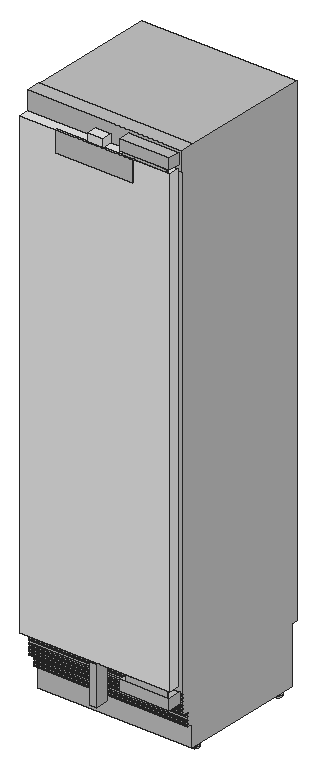
Revit family "FP_Revit_18_RS2484SR1_Fridge_90001062A", category Specialty Equipment, Revit 2018
Family settings
  Round Connector Dimension = Use Diameter
  Part Type = Normal
  OmniClass Number = 23.40.40.11.11
  OmniClass Title = Refrigerators and Freezers
  Work Plane-Based = No
  Always vertical = Yes
  Cut with Voids When Loaded = Yes
  Shared = No
  Room Calculation Point = No
Parameters (values of type "RS2484SRK1")
  Visibility - Water Connection = no
  Visibility - Visibility Control Note = yes
  Visibility - Clearance Required = yes
  URL = "www.fisherpaykel.com"
  Stainless Steel Door Panels (RD2484R4D) = no
  Product - Width = 603 mm  # constant formula
  Product - Height = 2134 mm  # constant formula
  Product - Depth (exl front panel) = 610 mm  # constant formula
  Model = "RS2484SRK1"
  Material - Handle = Fisher & Paykel - Aluminium
  Material - Door Structure = Fisher & Paykel - White
  Material - Door Front = Fisher & Paykel - Stainless Steel
  Material - Body = Fisher & Paykel - Grey
  Manufacturer = "Fisher & Paykel Appliances"
  Handle Style - Professional Square (AHV2-RD84) = no
  Handle Style - Professional Round (AHC-RD84) = no
  Handle Style - Contemporary Square (AHD3-RD84) = no
  Handle Style - Contemporary Round (AHS-RD84) = no
  Description = "24\" Integrated Column Refrigerator with stainless steel interior"
  Connector Description - Water = "Water Supply not required"
  Connector Description - Electrical = "120 V, 10 amp fused electrical supply"
  Cavity - Width = 610 mm  # constant formula
  Cavity - Height = 2134 mm  # constant formula
  Cavity - Depth = 635 mm  # constant formula
Types (4, lengths in mm): name | Visibility - Water Connection | Model | Description | Connector Description - Water
  (no name) | no | "RS2484SRK1" | "24\" Integrated Column Refrigerator with stainless steel interior" | "Water Supply not required"
  RS2484SRHK1 | yes | "RS2484SRHK1" | "24\" Integrated Column Refrigerator with internal water, stainless steel interior" | "1/4\" (6mm) comp. stainless steel braided hose"
  RS2484SR1 | no | "RS2484SR1" | "24\" Integrated Column Refrigerator" | "Water Supply not required"
  RS2484SRK1 | no | "RS2484SRK1" | "24\" Integrated Column Refrigerator with stainless steel interior" | "Water Supply not required"
Reference planes
  plane 1 "Center (Front/Back)": y = 0
  plane 2: z = 0
  plane 3 "Center (Left/Right)": x = 0
  plane 4 "Product LHS": x = -301.5
  plane 5 "Product RHS": x = 301.5
  plane 6 "Product - Depth": y = 610
  plane 7 "Cavity LHS": x = -305
  plane 8 "Cavity RHS": x = 305
  plane 9 "Cavity - Depth": y = 612.9
  plane 10 "Handle Offset": x = -238.5
  plane 11 "Product Height": z = 2134
  plane 12 "Cavity Height": z = 2134
  plane 13 "Door Panel Datum": y = -4.1
Forms (mm)
  Extrusion 1, solid, material "Fisher & Paykel - Grey" <- "Material - Body", detail levels fine
    sketch origin (0, 0, 0) x (0, 1, 0) y (0, 0, 1)
      loop
        line (100.1, 19.1) -> (587.9, 19.1) -> (587.9, 239.7) -> (610, 239.7) -> (610, 2131.9) -> (105.1, 2131.9) -> (105.1, 2134) -> (49.9, 2134) -> (49.9, 2059) -> (56, 2059) -> (56, 228.6) -> (59.5, 228.6) -> (59.5, 219.7) -> (56.5, 219.7) -> (56.5, 215.9) -> (59.5, 215.9) -> (59.5, 207) -> (56.5, 207) -> (56.5, 203.2) -> (59.5, 203.2) -> (59.5, 194.3) -> (56.5, 194.3) -> (56.5, 190.5) -> (59.5, 190.5) -> (59.5, 181.6) -> (56.5, 181.6) -> (56.5, 177.8) -> (59.5, 177.8) -> (59.5, 168.9) -> (56.5, 168.9) -> (56.5, 165.1) -> (59.5, 165.1) -> (59.5, 156.2) -> (56.5, 156.2) -> (56.5, 152.4) -> (84.1, 152.4) -> (84.1, 143.5) -> (81.1, 143.5) -> (81.1, 139.7) -> (84.1, 139.7) -> (84.1, 130.8) -> (81.1, 130.8) -> (81.1, 127) -> (84.1, 127) -> (84.1, 118.1) -> (81.1, 118.1) -> (81.1, 114.3) -> (84.1, 114.3) -> (84.1, 105.4) -> (81.1, 105.4) -> (81.1, 101.6) -> (100.1, 101.6) -> (100.1, 19.1)
    from -301.5 to 301.5
  Extrusion 2, solid, material "Fisher & Paykel - Grey" <- "Material - Body"
    sketch origin (0, 0, 0) x (1, 0, 0) y (0, 1, 0)
      loop
        circle (-281, 547.8) r 4.1
      loop
        circle (-281, 141.8) r 4.1
      loop
        circle (281, 547.8) r 4.1
      loop
        circle (281, 141.8) r 4.1
    from 3 to 19.1
  Extrusion 3, solid, material "Fisher & Paykel - Grey" <- "Material - Body"
    sketch origin (0, 0, 0) x (1, 0, 0) y (0, 1, 0)
      loop
        circle (-281, 547.8) r 14.5
      loop
        circle (-281, 141.8) r 14.555
      loop
        circle (281, 547.8) r 14.5
      loop
        circle (281, 141.8) r 14.555
    from 0 to 3
  Extrusion 4, solid, material "Fisher & Paykel - Grey" <- "Material - Body", detail levels fine
    sketch origin (0, 0, 0) x (1, 0, 0) y (0, 1, 0)
      loop
        line (-7.5, 49) -> (-13.797, -4.1) -> (13.797, -4.1) -> (7.5, 49) -> (-7.5, 49)
    from 104.2 to 254.2
  Extrusion 5, solid, material "Fisher & Paykel - Grey" <- "Material - Body", detail levels fine
    sketch origin (0, 0, 0) x (1, 0, 0) y (0, 0, 1)
      loop
        line (289.9, 2123.15) -> (95.42, 2123.15) -> (95.42, 2081.05) -> (289.9, 2081.05) -> (289.9, 2123.15)
    from -49 to -2.5
  Extrusion 6, solid, material "Fisher & Paykel - Grey" <- "Material - Body", detail levels fine
    sketch origin (0, 0, 0) x (0, 1, 0) y (0, 0, 1)
      loop
        line (0, 2070.6) -> (0, 1988.6) -> (2, 1988.6) -> (2, 2068.6) -> (4, 2068.6) -> (4, 2070.6) -> (0, 2070.6)
    from -150 to 150
  Extrusion 7, solid, material "Fisher & Paykel - Grey" <- "Material - Body"
    sketch origin (0, 0, 0) x (1, 0, 0) y (0, 0, 1)
      loop
        circle (226.5, 119.813) r 5
      loop
        circle (-226.5, 119.813) r 5
    from -590 to -587.9
  Extrusion 8, solid, material "Fisher & Paykel - White" <- "Material - Door Structure"
    sketch origin (0, 0, 0) x (1, 0, 0) y (0, 1, 0)
      loop
        line (-276.5, 56) -> (-276.5, 42) -> (276.5, 42) -> (276.5, 56) -> (-276.5, 56)
    from 269.6 to 2030.7
  Extrusion 9, solid, material "Fisher & Paykel - White" <- "Material - Door Structure"
    sketch origin (0, 0, 0) x (1, 0, 0) y (0, 1, 0)
      loop
        line (-292.9, 42) -> (-292.9, 3) -> (292.9, 3) -> (292.9, 42) -> (-292.9, 42)
    from 254.2 to 2068.6
  Extrusion 10, solid, material "Fisher & Paykel - White" <- "Material - Door Structure", detail levels fine
    sketch origin (0, 0, 0) x (1, 0, 0) y (0, 0, 1)
      loop
        line (-29.5, 2100.1) -> (-29.5, 2068.6) -> (29.5, 2068.6) -> (29.5, 2100.1) -> (-29.5, 2100.1)
    from -42 to -3
  Extrusion 11, solid, material "Fisher & Paykel - Stainless Steel" <- "Material - Door Front", visible <- "Stainless Steel Door Panels (RD2484R4D)"
    sketch origin (0, 0, 0) x (0, 1, 0) y (0, 0, 1)
      loop
        line (-22.1, 2130.8) -> (-22.1, 102) -> (-4.1, 102) -> (-4.1, 2130.8) -> (-22.1, 2130.8)
    from -301.5 to 301.5
  Extrusion 12, solid, material "Fisher & Paykel - Grey" <- "Material - Body", detail levels coarse+medium
    sketch origin (0, 0, 0) x (0, 1, 0) y (0, 0, 1)
      loop
        line (49.9, 2134) -> (49.9, 2059) -> (56, 2059) -> (56, 152.4) -> (81.1, 152.4) -> (81.1, 101.6) -> (100.1, 101.6) -> (100.1, 19.1) -> (587.9, 19.1) -> (587.9, 239.7) -> (610, 239.7) -> (610, 2134) -> (49.9, 2134)
    from -301.5 to 301.5
  Extrusion 13, solid, material "Fisher & Paykel - Clearance Required", visible <- "Visibility - Clearance Required", detail levels coarse
    sketch origin (0, 0, 0) x (1, 0, 0) y (0, 1, 0)
      loop
        arc (-301.5, -22.1) -> (-13.376, -547.171) -> (584.28, -586.183) r 622.5
        line (584.28, -586.183) -> (565.051, -544.946) -> (589.549, -533.523)
        arc (589.549, -533.523) -> (598.013, -510.267) -> (574.757, -501.802) r 17.5
        line (574.757, -501.802) -> (550.259, -513.225) -> (329.441, -39.678)
        arc (329.441, -39.678) -> (310.616, -38.605) -> (301.5, -22.1) r 19.5
        line (301.5, -22.1) -> (-301.5, -22.1)
    from 0 to 2134
  Extrusion 14, solid, material "Fisher & Paykel - Grey" <- "Material - Body", detail levels fine
    sketch origin (0, 0, 0) x (1, 0, 0) y (0, 0, 1)
      loop
        line (289.9, 187.65) -> (289.9, 229.75) -> (95.42, 229.75) -> (95.42, 187.65) -> (289.9, 187.65)
    from -56 to -2.5
  Extrusion 15, solid, material "Fisher & Paykel - Grey" <- "Material - Body", detail levels fine
    sketch origin (0, 0, -4) x (0, 1, 0) y (0, 0, 1)
      loop
        arc (163.888, 23.1) -> (180.4, 13.63) -> (196.912, 23.1) r 19.13
        line (196.912, 23.1) -> (163.888, 23.1)
      loop
        arc (493.888, 23.1) -> (510.4, 13.63) -> (526.912, 23.1) r 19.13
        line (526.912, 23.1) -> (493.888, 23.1)
    from 191 to 219
  Extrusion 16, solid, material "Fisher & Paykel - Grey" <- "Material - Body", detail levels fine
    sketch origin (0, 0, -4) x (0, 1, 0) y (0, 0, -1)
      loop
        line (163.888, -23.1) -> (196.912, -23.1)
        arc (196.912, -23.1) -> (180.4, -13.63) -> (163.888, -23.1) r 19.13
      loop
        line (493.888, -23.1) -> (526.912, -23.1)
        arc (526.912, -23.1) -> (510.4, -13.63) -> (493.888, -23.1) r 19.13
    from 191 to 219
  Extrusion 17, solid, material "Fisher & Paykel - Clearance Required", visible <- "Visibility - Clearance Required", detail levels coarse
    sketch origin (0, 0, 0) x (1, 0, 0) y (0, 1, 0)
      loop
        line (-305, 612.9) -> (-305, -4.1) -> (305, -4.1) -> (305, 612.9) -> (-305, 612.9)
    from 0 to 2134
  Extrusion 18, void
    sketch origin (0, 0, 0) x (1, 0, 0) y (0, 1, 0)
      loop
        line (-305, 612.9) -> (-305, -22.1) -> (305, -22.1) -> (305, 612.9) -> (-305, 612.9)
    from 0 to 2134
  Extrusion 19, solid, material "Fisher & Paykel - Grey" <- "Material - Body", detail levels fine
    sketch origin (0, 0, 0) x (1, 0, 0) y (0, 0, 1)
      loop
        line (118.4, 254.2) -> (118.4, 229.75) -> (282.9, 229.75) -> (282.9, 254.2) -> (118.4, 254.2)
      loop
        line (106, 2081.05) -> (106, 2068.6) -> (282.9, 2068.6) -> (282.9, 2076.05) -> (242.9, 2081.05) -> (106, 2081.05)
    from -7 to -4
Lines and regions (mm)
  model lines, style "Fisher & Paykel"
    curve 1: line (-301.5, -4.1, 2130.8) -> (301.5, -4.1, 2130.8)
    curve 2: line (-301.5, -4.1, 102) -> (-301.5, -4.1, 2130.8)
    curve 3: line (301.5, -4.1, 102) -> (-301.5, -4.1, 102)
    curve 4: line (301.5, -4.1, 2130.8) -> (301.5, -4.1, 102)
Text (mm)
  text "Due to ongoing product development, product details are subject to change without notice. \nPlease always refer to www.fisherpaykel.com for the most current product information. \n© Fisher & Paykel 2020" at (41.04, -678.295, 0), in view "Ref. Level (Plan)"
Dimensions and locks
  equal spacing: plane 4 "Product LHS", plane 3 "Center (Left/Right)", plane 5 "Product RHS"
  "Product - Width": plane 4 "Product LHS" to plane 5 "Product RHS"
  "Product - Depth (exl front panel)": plane 1 "Center (Front/Back)" to plane 6 "Product - Depth"
  equal spacing: plane 7 "Cavity LHS", plane 3 "Center (Left/Right)", plane 8 "Cavity RHS"
  "Cavity - Width": plane 7 "Cavity LHS" to plane 8 "Cavity RHS"
  plane 4 "Product LHS" to Extrusion 2 sketch curve = 24.6 mm
  plane 4 "Product LHS" to plane 10 "Handle Offset" = 63 mm
  Extrusion 7 sketch curve to Extrusion 1 = 119.887 mm  (x2)
  Extrusion 7 sketch curve to plane 5 "Product RHS" = 75 mm
  plane 4 "Product LHS" to Extrusion 7 sketch curve = 75 mm
  Extrusion 1 sketch curve to Extrusion 1 sketch curve = 82.5 mm
  Extrusion 1 sketch curve to Extrusion 1 sketch curve = 209.5 mm
  Extrusion 3 to level = 3 mm
  Extrusion 12 to Extrusion 9 = 235.1 mm
  Extrusion 12 to Extrusion 8 = 250.5 mm
  Extrusion 12 to Extrusion 12 = 2114.9 mm
  Extrusion 12 to Extrusion 11 = 82.9 mm
  "Product - Height": level to plane 11 "Product Height"
  plane 11 "Product Height" to Extrusion 11 = 3.2 mm
  Extrusion 9 to plane 11 "Product Height" = 65.4 mm
  Extrusion 8 to plane 11 "Product Height" = 103.3 mm
  Extrusion 12 sketch curve to plane 11 "Product Height" = 75 mm
  Extrusion 1 sketch curve to plane 11 "Product Height" = 2.1 mm
  Extrusion 1 sketch curve to plane 11 "Product Height" = 75 mm
  "Cavity - Height": plane 12 "Cavity Height" to level
  plane 1 "Center (Front/Back)" to Extrusion 17 = 612.9 mm
  plane 1 "Center (Front/Back)" to Extrusion 18 = 612.9 mm
  Extrusion 19 sketch curve to Extrusion 19 sketch curve = 40 mm
  Extrusion 19 sketch curve to plane 3 "Center (Left/Right)" = 106 mm
  Extrusion 19 sketch curve to Extrusion 19 sketch curve = 176.9 mm
  Extrusion 19 sketch curve to plane 3 "Center (Left/Right)" = 118.4 mm
  plane 3 "Center (Left/Right)" to Extrusion 19 sketch curve = 282.9 mm
  Extrusion 18 to plane 1 "Center (Front/Back)" = 22.1 mm
  "Cavity - Depth": plane 9 "Cavity - Depth" to Extrusion 18
  radius of Extrusion 7 sketch curve = 5 mm
  aligned and locked: level to plane 2
  aligned and locked: Extrusion 11 to plane 5 "Product RHS"
  aligned and locked: plane 4 "Product LHS" to Extrusion 11
  aligned and locked: Extrusion 12 to plane 5 "Product RHS"
  aligned and locked: Extrusion 12 to plane 4 "Product LHS"
  aligned and locked: Extrusion 12 sketch curve to plane 11 "Product Height"
  aligned and locked: plane 11 "Product Height" to Extrusion 1 sketch curve
  aligned and locked: Extrusion 15 sketch curve to Extrusion 15 sketch curve
  aligned and locked: Extrusion 16 sketch curve to Extrusion 16 sketch curve
  aligned and locked: Extrusion 17 to Extrusion 13
  aligned and locked: Extrusion 18 to Extrusion 13
  aligned and locked: Extrusion 1 to plane 5 "Product RHS"
  aligned and locked: plane 4 "Product LHS" to Extrusion 1
  aligned and locked: Extrusion 2 to Extrusion 1
  aligned and locked: nested 5 to plane 10 "Handle Offset"
  aligned and locked: nested 4 to plane 10 "Handle Offset"
  aligned and locked: nested 3 to plane 10 "Handle Offset"
  aligned and locked: nested 2 to plane 10 "Handle Offset"
Automatic sketch dimensions
  Extrusion 2 sketch curve to plane 4 "Product LHS" = 20.5 mm  (x2)
  plane 5 "Product RHS" to Extrusion 2 sketch curve = 20.5 mm  (x2)
  Extrusion 2 sketch curve to plane 1 "Center (Front/Back)" = 141.8 mm  (x2)
  Extrusion 2 sketch curve to plane 6 "Product - Depth" = 62.2 mm  (x2)
  Extrusion 3 sketch curve to plane 4 "Product LHS" = 20.5 mm  (x2)
  plane 5 "Product RHS" to Extrusion 3 sketch curve = 20.5 mm  (x2)
  Extrusion 3 sketch curve to plane 1 "Center (Front/Back)" = 141.8 mm  (x2)
  Extrusion 3 sketch curve to plane 6 "Product - Depth" = 62.2 mm  (x2)
  plane 1 "Center (Front/Back)" to Extrusion 4 sketch curve = 4.1 mm
  Extrusion 4 sketch curve to plane 3 "Center (Left/Right)" = 13.797 mm
  Extrusion 4 sketch curve to plane 3 "Center (Left/Right)" = 7.5 mm
  plane 3 "Center (Left/Right)" to Extrusion 4 sketch curve = 7.5 mm
  plane 3 "Center (Left/Right)" to Extrusion 4 sketch curve = 13.797 mm
  Extrusion 4 sketch curve to plane 1 "Center (Front/Back)" = 49 mm
  plane 11 "Product Height" to Extrusion 5 sketch curve = 10.85 mm
  plane 3 "Center (Left/Right)" to Extrusion 5 sketch curve = 95.42 mm
  plane 5 "Product RHS" to Extrusion 5 sketch curve = 11.6 mm
  Extrusion 5 sketch curve to Extrusion 5 sketch curve = 42.1 mm
  Extrusion 6 sketch curve to plane 1 "Center (Front/Back)" = 0 mm
  Extrusion 6 sketch curve to plane 1 "Center (Front/Back)" = 2 mm
  Extrusion 6 sketch curve to Extrusion 6 sketch curve = 2 mm  (x2)
  plane 11 "Product Height" to Extrusion 6 sketch curve = 145.4 mm
  plane 11 "Product Height" to Extrusion 6 sketch curve = 65.4 mm
  Extrusion 8 sketch curve to plane 4 "Product LHS" = 25 mm
  plane 5 "Product RHS" to Extrusion 8 sketch curve = 25 mm
  Extrusion 8 sketch curve to plane 1 "Center (Front/Back)" = 42 mm
  Extrusion 8 sketch curve to Extrusion 8 sketch curve = 14 mm
  Extrusion 9 sketch curve to plane 1 "Center (Front/Back)" = 3 mm
  Extrusion 9 sketch curve to plane 4 "Product LHS" = 8.6 mm
  plane 5 "Product RHS" to Extrusion 9 sketch curve = 8.6 mm
  Extrusion 9 sketch curve to Extrusion 9 sketch curve = 39 mm
  Extrusion 10 sketch curve to plane 3 "Center (Left/Right)" = 29.5 mm
  plane 3 "Center (Left/Right)" to Extrusion 10 sketch curve = 29.5 mm
  plane 11 "Product Height" to Extrusion 10 sketch curve = 65.4 mm
  Extrusion 10 sketch curve to Extrusion 10 sketch curve = 31.5 mm
  plane 1 "Center (Front/Back)" to Extrusion 11 sketch curve = 22.1 mm
  plane 1 "Center (Front/Back)" to Extrusion 11 sketch curve = 4.1 mm
  level to Extrusion 11 sketch curve = 102 mm
  plane 11 "Product Height" to Extrusion 11 sketch curve = 3.2 mm
  Extrusion 13 sketch curve to Extrusion 13 sketch curve = 0 mm  (x2)
  Extrusion 13 sketch curve to plane 4 "Product LHS" = 0 mm
  Extrusion 13 sketch curve to plane 5 "Product RHS" = 0 mm
  Extrusion 13 sketch curve to plane 8 "Cavity RHS" = 16 mm
  Extrusion 13 sketch curve to Extrusion 13 sketch curve = 8.441 mm
  Extrusion 13 sketch curve to plane 8 "Cavity RHS" = 245.259 mm
  Extrusion 13 sketch curve to Extrusion 13 sketch curve = 14.792 mm
  Extrusion 13 sketch curve to Extrusion 13 sketch curve = 24.498 mm
  Extrusion 13 sketch curve to Extrusion 13 sketch curve = 7.396 mm  (x2)
  Extrusion 13 sketch curve to Extrusion 13 sketch curve = 19.229 mm
  plane 1 "Center (Front/Back)" to Extrusion 13 sketch curve = 586.183 mm
  Extrusion 13 sketch curve to Extrusion 13 sketch curve = 41.237 mm
  Extrusion 13 sketch curve to Extrusion 13 sketch curve = 15.86 mm
  plane 3 "Center (Left/Right)" to Extrusion 14 sketch curve = 95.42 mm
  plane 5 "Product RHS" to Extrusion 14 sketch curve = 11.6 mm
  level to Extrusion 14 sketch curve = 187.65 mm
  Extrusion 14 sketch curve to Extrusion 14 sketch curve = 42.1 mm
  Extrusion 15 sketch curve to plane 1 "Center (Front/Back)" = 163.888 mm
  Extrusion 15 sketch curve to Extrusion 15 sketch curve = 16.512 mm  (x2)
  Extrusion 15 sketch curve to plane 6 "Product - Depth" = 116.112 mm
  Extrusion 15 sketch curve to Extrusion 15 sketch curve = 9.66 mm  (x2)
  Extrusion 16 sketch curve to plane 1 "Center (Front/Back)" = 163.888 mm
  Extrusion 16 sketch curve to Extrusion 16 sketch curve = 16.512 mm  (x2)
  Extrusion 16 sketch curve to plane 6 "Product - Depth" = 116.112 mm
  Extrusion 16 sketch curve to Extrusion 16 sketch curve = 9.66 mm  (x2)
  Extrusion 17 sketch curve to plane 7 "Cavity LHS" = 0 mm
  Extrusion 17 sketch curve to plane 8 "Cavity RHS" = 0 mm
  Extrusion 17 sketch curve to plane 9 "Cavity - Depth" = 0 mm
  plane 1 "Center (Front/Back)" to Extrusion 17 sketch curve = 4.1 mm
  Extrusion 18 sketch curve to plane 7 "Cavity LHS" = 0 mm
  Extrusion 18 sketch curve to plane 8 "Cavity RHS" = 0 mm
  plane 9 "Cavity - Depth" to Extrusion 18 sketch curve = 0 mm
  plane 1 "Center (Front/Back)" to Extrusion 18 sketch curve = 22.1 mm
  level to Extrusion 19 sketch curve = 229.75 mm
  Extrusion 19 sketch curve to Extrusion 19 sketch curve = 24.45 mm
  plane 11 "Product Height" to Extrusion 19 sketch curve = 65.4 mm
  Extrusion 19 sketch curve to Extrusion 19 sketch curve = 7.45 mm
  Extrusion 19 sketch curve to Extrusion 19 sketch curve = 5 mm
  Extrusion 12 sketch curve to plane 6 "Product - Depth" = 0 mm
  Extrusion 12 sketch curve to plane 6 "Product - Depth" = 22.1 mm
  Extrusion 12 sketch curve to plane 1 "Center (Front/Back)" = 100.1 mm
  Extrusion 12 sketch curve to Extrusion 12 sketch curve = 19 mm
  Extrusion 12 sketch curve to plane 1 "Center (Front/Back)" = 56 mm
  Extrusion 12 sketch curve to plane 1 "Center (Front/Back)" = 49.9 mm
  level to Extrusion 12 sketch curve = 152.4 mm
  Extrusion 12 sketch curve to Extrusion 12 sketch curve = 50.8 mm
  level to Extrusion 12 sketch curve = 19.1 mm
  Extrusion 12 sketch curve to Extrusion 12 sketch curve = 220.6 mm
  level to Extrusion 15 sketch curve = 19.1 mm
  level to Extrusion 16 sketch curve = 28.76 mm
  Extrusion 1 sketch curve to plane 6 "Product - Depth" = 0 mm
  Extrusion 1 sketch curve to Extrusion 1 sketch curve = 22.1 mm
  Extrusion 1 sketch curve to plane 1 "Center (Front/Back)" = 105.1 mm
  level to Extrusion 1 sketch curve = 19.1 mm
  Extrusion 1 sketch curve to plane 1 "Center (Front/Back)" = 100.1 mm
  Extrusion 1 sketch curve to Extrusion 1 sketch curve = 16 mm
  Extrusion 1 sketch curve to Extrusion 1 sketch curve = 0 mm  (x8)
  Extrusion 1 sketch curve to Extrusion 1 sketch curve = 3 mm  (x10)
  Extrusion 1 sketch curve to plane 1 "Center (Front/Back)" = 59.5 mm
  Extrusion 1 sketch curve to plane 1 "Center (Front/Back)" = 56 mm
  Extrusion 1 sketch curve to plane 1 "Center (Front/Back)" = 49.9 mm
  Extrusion 1 sketch curve to Extrusion 1 sketch curve = 3.8 mm  (x10)
  Extrusion 1 sketch curve to Extrusion 1 sketch curve = 8.9 mm  (x9)
  Extrusion 1 sketch curve to Extrusion 1 sketch curve = 220.6 mm
  plane 5 "Product RHS" to curve 1 = 0 mm
  plane 4 "Product LHS" to curve 3 = 0 mm
  level to curve 3 = 102 mm
  plane 11 "Product Height" to curve 2 = 3.2 mm
  radius of Extrusion 2 sketch curve = 4.1 mm  (x3)
  radius of Extrusion 3 sketch curve = 14.5 mm  (x2)
  radius of Extrusion 3 sketch curve = 14.555 mm  (x2)
  radius of Extrusion 7 sketch curve = 5 mm
Nested families
  nested 1: "Visibility Control Note 18" at (0, 0, 0), visible <- "Visibility - Visibility Control Note", type "Visibility Control Note 18"
  nested 2: "Handle Contemporary Round - Vertical" at (-238.5, -22.1, 1242.58), visible <- "Handle Style - Contemporary Round (AHS-RD84)", type "AHS-RD84 - Contemporary round handle (Vertical) 852mm"
  nested 3: "Handle Contemporary Square - Vertical" at (-238.5, -22.1, 1242.58), visible <- "Handle Style - Contemporary Square (AHD3-RD84)", type "AHD3-RD84 - Contemporary square handle (Vertical) 852mm"
  nested 4: "Handle Professional Round - Vertical" at (-238.5, -22.1, 1242.58), visible <- "Handle Style - Professional Round (AHC-RD84)", type "AHC-RD84 - Professional round handle (Vertical) 786mm"
  nested 5: "Handle Professional Square - Vertical" at (-238.5, -22.1, 1242.58), visible <- "Handle Style - Professional Square (AHV2-RD84)", type "AHV2-RD84 - Professional square handle (Vertical) 792mm"
Connectors
  electrical at (-226.5, 590, 119.813), driven by "Connector Description - Electrical"
    settings: on Extrusion 7, index 1, voltage 120 V, apparent load 0 VA, apparent load phase1 0 VA, apparent load phase2 0 VA, apparent load phase3 0 VA, power factor 1, load classification "Other", number of poles 1, system type 30, power factor state 1, is connector primary yes, connector utility no, sub classification motor no, connector description "120 V, 10 amp fused electrical supply"
  piping at (226.5, 590, 119.813), diameter 12.7, driven by "Visibility - Water Connection", driven by "Connector Description - Water"
    settings: on Extrusion 7, index 2, connector inside diameter 609.6 mm, connector length 0 mm, flow factor 0, pipe flow 0.0 L/s, pressure drop 0.0 Pa, fitting loss kfactor 0, connector angle 0.00°, fixture units 0, engagement length 0 mm, angle of deflection 0.00°, flow configuration 0, flow direction 1, fitting loss method 0, system type 20, joint type 0, gender type 0, connector reference index -1, connector utility 0, adjustable connector no, is connector primary yes, connector description "Water Supply not required"
Definition of nested family "Handle Contemporary Round - Vertical"
  Parameters (values of type "AHSRS80A - Contemporary round handle (1 of 2) (Vertical) 727mm")
    URL = "www.fisherpaykel.com"
    Material - Handle = none
    Manufacturer = "Fisher & Paykel Appliances"
    Handle - Length = 727 mm
  Types (6, lengths in mm): name | Handle - Length
    AHS-RD21 - Contemporary round handle (Vertical) 852mm | 852
    AHSRD2484W - Contemporary round handle (1 of 2) (Vertical) 727mm | 727
    AHSRD3084W - Contemporary round handle (1 of 2) (Vertical) 727mm | 727
    AHS-RD84 - Contemporary round handle (Vertical) 852mm | 852
    AHSRS3272A - Contemporary round handle (1 of 2) (Vertical) 727mm | 727
    AHSRS80A - Contemporary round handle (1 of 2) (Vertical) 727mm | 727
  Reference planes
    plane 1 "Center (Front/Back)": y = 0
    plane 2: z = 0
    plane 3 "Center (Left/Right)": x = 0
    plane 4 "Top": z = 363.5
    plane 5 "Bottom": z = -363.5
    plane 6 "Top Standoff": z = 243.5
    plane 7 "Bottom Standoff": z = -243.5
  Forms (mm)
    Extrusion 1, solid, material <- "Material - Handle"
      sketch origin (0, 0, 0) x (1, 0, 0) y (0, 1, 0)
        loop
          circle (0, -32.3) r 8.7
      from -243.5 to 243.5
    Extrusion 2, solid, material <- "Material - Handle", detail levels fine
      sketch origin (0, 0, 0) x (1, 0, 0) y (0, 1, 0)
        loop
          line (-8.7, 0) -> (-8.7, -32.3)
          arc (-8.7, -32.3) -> (0, -41) -> (8.7, -32.3) r 8.7
          line (8.7, -32.3) -> (8.7, 0) -> (-8.7, 0)
      from 243.5 to 363.5
    Extrusion 3, solid, material <- "Material - Handle", detail levels fine
      sketch origin (0, 0, 0) x (1, 0, 0) y (0, 1, 0)
        loop
          line (-8.7, 0) -> (-8.7, -32.3)
          arc (-8.7, -32.3) -> (0, -41) -> (8.7, -32.3) r 8.7
          line (8.7, -32.3) -> (8.7, 0) -> (-8.7, 0)
      from -363.5 to -243.5
    Sweep 4, void
      path in 3D
        loop
          line (8.7, 0, -363.5) -> (8.7, -32.3, -363.5)
          arc (8.7, -32.3, -363.5) -> (0, -41, -363.5) -> (-8.7, -32.3, -363.5) r 8.7
          line (-8.7, -32.3, -363.5) -> (-8.7, 0, -363.5)
      profile origin (8.7, -16.15, -363.5) x (-1, 0, 0) y (0, 0, -1)
        loop
          line (0, 0) -> (0, -1) -> (1, 0) -> (0, 0)
    Sweep 5, void
      path in 3D
        loop
          line (-8.7, 0, 363.5) -> (-8.7, -32.3, 363.5)
          arc (-8.7, -32.3, 363.5) -> (0, -41, 363.5) -> (8.7, -32.3, 363.5) r 8.7
          line (8.7, -32.3, 363.5) -> (8.7, 0, 363.5)
      profile origin (8.7, -16.15, 363.5) x (-1, 0, 0) y (0, 0, 1)
        loop
          line (0, 0) -> (0, -1) -> (1, 0) -> (0, 0)
    Extrusion 6, solid, material <- "Material - Handle", detail levels coarse+medium
      sketch origin (0, 0, 0) x (1, 0, 0) y (0, 1, 0)
        loop
          line (-8.7, 0) -> (-8.7, -32.3)
          arc (-8.7, -32.3) -> (0, -41) -> (8.7, -32.3) r 8.7
          line (8.7, -32.3) -> (8.7, 0) -> (-8.7, 0)
      from 243.5 to 363.5
    Extrusion 7, solid, material <- "Material - Handle", detail levels coarse+medium
      sketch origin (0, 0, 0) x (1, 0, 0) y (0, 1, 0)
        loop
          line (-8.7, 0) -> (-8.7, -32.3)
          arc (-8.7, -32.3) -> (0, -41) -> (8.7, -32.3) r 8.7
          line (8.7, -32.3) -> (8.7, 0) -> (-8.7, 0)
      from -363.5 to -243.5
  Cuts and joins
    Sweep 4 cuts Extrusion 3
    Sweep 5 cuts Extrusion 2
  Lines and regions (mm)
    sketch lines
      curve 1: line (8.7, 0, -363.5) -> (8.7, -32.3, -363.5)
      curve 2: arc (-8.7, -32.3, -363.5) -> (0, -41, -363.5) -> (8.7, -32.3, -363.5) r 8.7
      curve 3: line (-8.7, -32.3, -363.5) -> (-8.7, 0, -363.5)
      curve 4: line (8.7, -32.3, 363.5) -> (8.7, 0, 363.5)
      curve 5: arc (8.7, -32.3, 363.5) -> (0, -41, 363.5) -> (-8.7, -32.3, 363.5) r 8.7
      curve 6: line (-8.7, 0, 363.5) -> (-8.7, -32.3, 363.5)
  Dimensions and locks
    equal spacing: plane 4 "Top", level, plane 5 "Bottom"
    "Handle - Length": plane 4 "Top" to plane 5 "Bottom"
    locked: plane 4 "Top" to plane 6 "Top Standoff" at 120
    locked: plane 7 "Bottom Standoff" to plane 5 "Bottom" at 120
    Extrusion 2 sketch curve to Extrusion 2 sketch curve = 17.4 mm
    Extrusion 3 sketch curve to Extrusion 3 sketch curve = 17.4 mm
    Extrusion 6 sketch curve to Extrusion 6 sketch curve = 17.4 mm
    Extrusion 7 sketch curve to Extrusion 7 sketch curve = 17.4 mm
    aligned and locked: level to plane 2
    aligned and locked: plane 4 "Top" to Extrusion 2
    aligned and locked: Extrusion 3 to plane 5 "Bottom"
    aligned and locked: plane 7 "Bottom Standoff" to Extrusion 3
    aligned and locked: Extrusion 1 to plane 7 "Bottom Standoff"
    aligned and locked: plane 6 "Top Standoff" to Extrusion 1
    aligned and locked: Extrusion 2 to Extrusion 1
    aligned and locked: Extrusion 6 to Extrusion 1
    aligned and locked: plane 4 "Top" to Extrusion 6
    aligned and locked: Extrusion 7 to Extrusion 1
    aligned and locked: Extrusion 7 to plane 5 "Bottom"
  Automatic sketch dimensions
    Extrusion 1 sketch curve to plane 3 "Center (Left/Right)" = 0 mm
    plane 1 "Center (Front/Back)" to Extrusion 1 sketch curve = 32.3 mm
    plane 1 "Center (Front/Back)" to Extrusion 2 sketch curve = 0 mm
    Extrusion 2 sketch curve to plane 3 "Center (Left/Right)" = 0 mm
    Extrusion 2 sketch curve to plane 3 "Center (Left/Right)" = 8.7 mm
    plane 1 "Center (Front/Back)" to Extrusion 2 sketch curve = 32.3 mm
    plane 1 "Center (Front/Back)" to Extrusion 3 sketch curve = 0 mm
    Extrusion 3 sketch curve to plane 3 "Center (Left/Right)" = 0 mm
    Extrusion 3 sketch curve to plane 3 "Center (Left/Right)" = 8.7 mm
    plane 1 "Center (Front/Back)" to Extrusion 3 sketch curve = 32.3 mm
    Sweep 4 sketch curve to profile plane = 0 mm  (x2)
    Sweep 4 sketch curve to profile plane = 1 mm  (x2)
    Sweep 5 sketch curve to profile plane = 0 mm  (x2)
    Sweep 5 sketch curve to profile plane = 1 mm  (x2)
    Extrusion 6 sketch curve to plane 3 "Center (Left/Right)" = 0 mm
    Extrusion 6 sketch curve to plane 3 "Center (Left/Right)" = 8.7 mm
    plane 1 "Center (Front/Back)" to Extrusion 6 sketch curve = 32.3 mm
    Extrusion 6 sketch curve to Extrusion 6 sketch curve = 32.3 mm
    Extrusion 7 sketch curve to plane 3 "Center (Left/Right)" = 0 mm
    Extrusion 7 sketch curve to plane 3 "Center (Left/Right)" = 8.7 mm
    plane 1 "Center (Front/Back)" to Extrusion 7 sketch curve = 32.3 mm
    Extrusion 7 sketch curve to Extrusion 7 sketch curve = 32.3 mm
    radius of Extrusion 1 sketch curve = 8.7 mm
Definition of nested family "Handle Contemporary Square - Vertical"
  Parameters (values of type "AHD3RS80A - Contemporary square handle (1 of 2) (Vertical) 727mm")
    URL = "www.fisherpaykel.com"
    Material - Handle = none
    Manufacturer = "Fisher & Paykel Appliances"
    Handle - Length = 727 mm
  Types (7, lengths in mm): name | Handle - Length
    (no name) | 727
    AHD3-RD21 - Contemporary square handle (Vertical) 852mm | 852
    AHD3RD2484W - Contemporary square handle (1 of 2) (Vertical) 727mm | 727
    AHD3RD3084W - Contemporary square handle (1 of 2) (Vertical) 727mm | 727
    AHD3-RD84 - Contemporary square handle (Vertical) 852mm | 852
    AHD3RS3272A - Contemporary square handle (1 of 2) (Vertical) 727mm | 727
    AHD3RS80A - Contemporary square handle (1 of 2) (Vertical) 727mm | 727
  Reference planes
    plane 1 "Center (Front/Back)": y = 0
    plane 2: z = 0
    plane 3 "Center (Left/Right)": x = 0
    plane 4 "Top": z = 363.5
    plane 5 "Bottom": z = -363.5
    plane 6 "Top Standoff": z = 243.5
    plane 7 "Bottom Standoff": z = -243.5
  Forms (mm)
    Extrusion 1, solid, material <- "Material - Handle", detail levels fine
      sketch origin (0, 0, 0) x (1, 0, 0) y (0, 1, 0)
        loop
          arc (-7.583, -28.701) -> (-7.89, -29.057) -> (-8, -29.514) r 1
          line (-8, -29.514) -> (-8, -40.5)
          arc (-8, -40.5) -> (-7.561, -41.561) -> (-6.5, -42) r 1.5
          line (-6.5, -42) -> (6.5, -42)
          arc (6.5, -42) -> (7.561, -41.561) -> (8, -40.5) r 1.5
          line (8, -40.5) -> (8, -29.487)
          arc (8, -29.487) -> (7.889, -29.029) -> (7.58, -28.673) r 1
          arc (7.58, -28.673) -> (-0.006, -26.256) -> (-7.583, -28.701) r 13.038
      from -363.5 to 363.5
    Extrusion 2, solid, material <- "Material - Handle", detail levels fine
      sketch origin (0, 0, 0) x (1, 0, 0) y (0, 1, 0)
        loop
          arc (7.058, -28.23) -> (7.466, -28.244) -> (7.674, -27.893) r 0.4
          line (7.674, -27.893) -> (7.674, 0) -> (-7.674, 0) -> (-7.674, -27.86)
          arc (-7.674, -27.86) -> (-7.467, -28.21) -> (-7.06, -28.198) r 0.4
          arc (-7.06, -28.198) -> (0.004, -26.156) -> (7.058, -28.23) r 13.136
      from 243.5 to 363.5
    Extrusion 3, solid, material <- "Material - Handle", detail levels fine
      sketch origin (0, 0, 0) x (1, 0, 0) y (0, 1, 0)
        loop
          arc (7.058, -28.23) -> (7.466, -28.244) -> (7.674, -27.893) r 0.4
          line (7.674, -27.893) -> (7.674, 0) -> (-7.674, 0) -> (-7.674, -27.86)
          arc (-7.674, -27.86) -> (-7.467, -28.21) -> (-7.06, -28.198) r 0.4
          arc (-7.06, -28.198) -> (0.004, -26.156) -> (7.058, -28.23) r 13.136
      from -363.5 to -243.5
    Sweep 4, void
      path in 3D
        loop
          line (-8, -29.514, 363.5) -> (-8, -40.5, 363.5)
          arc (-8, -40.5, 363.5) -> (-7.561, -41.561, 363.5) -> (-6.5, -42, 363.5) r 1.5
          line (-6.5, -42, 363.5) -> (6.5, -42, 363.5)
          arc (6.5, -42, 363.5) -> (7.561, -41.561, 363.5) -> (8, -40.5, 363.5) r 1.5
          line (8, -40.5, 363.5) -> (8, -29.487, 363.5)
      profile origin (8, -34.994, 363.5) x (-1, 0, 0) y (0, 0, 1)
        loop
          line (0, 0) -> (0, -1.3) -> (1.3, 0) -> (0, 0)
    Sweep 5, void
      path in 3D
        loop
          line (8, -29.487, -363.5) -> (8, -40.5, -363.5)
          arc (8, -40.5, -363.5) -> (7.561, -41.561, -363.5) -> (6.5, -42, -363.5) r 1.5
          line (6.5, -42, -363.5) -> (-6.5, -42, -363.5)
          arc (-6.5, -42, -363.5) -> (-7.561, -41.561, -363.5) -> (-8, -40.5, -363.5) r 1.5
          line (-8, -40.5, -363.5) -> (-8, -29.514, -363.5)
      profile origin (8, -34.994, -363.5) x (-1, 0, 0) y (0, 0, -1)
        loop
          line (0, 0) -> (0, -1.3) -> (1.3, 0) -> (0, 0)
    Extrusion 6, void
      sketch origin (0, 0, 0) x (1, 0, 0) y (0, 0, 1)
        loop
          line (-8, -362.2) -> (-8, -363.5) -> (-6.7, -363.5) -> (-8, -362.2)
        loop
          line (8, -362.2) -> (6.7, -363.5) -> (8, -363.5) -> (8, -362.2)
      from 0 to 40
    Extrusion 7, void
      sketch origin (0, 0, 0) x (1, 0, 0) y (0, 0, 1)
        loop
          line (-8, 363.5) -> (-8, 362.2) -> (-6.7, 363.5) -> (-8, 363.5)
        loop
          line (8, 363.5) -> (6.7, 363.5) -> (8, 362.2) -> (8, 363.5)
      from 0 to 40
    Extrusion 8, solid, material <- "Material - Handle", detail levels coarse+medium
      sketch origin (0, 0, 0) x (0, 1, 0) y (0, 0, 1)
        loop
          line (0, 363.5) -> (-42, 363.5) -> (-42, -363.5) -> (0, -363.5) -> (0, -243.5) -> (-26.245, -243.5) -> (-26.245, 243.5) -> (0, 243.5) -> (0, 363.5)
      from -8 to 8
  Cuts and joins
    Sweep 4, Sweep 5, Extrusion 6, Extrusion 7 cuts Extrusion 1
    Extrusion 6 cuts Extrusion 3
    Extrusion 7 cuts Extrusion 2
  Lines and regions (mm)
    sketch lines
      curve 1: line (8, -40.5, 363.5) -> (8, -29.487, 363.5)
      curve 2: arc (8, -40.5, 363.5) -> (7.561, -41.561, 363.5) -> (6.5, -42, 363.5) r 1.5
      curve 3: line (-6.5, -42, 363.5) -> (6.5, -42, 363.5)
      curve 4: arc (-6.5, -42, 363.5) -> (-7.561, -41.561, 363.5) -> (-8, -40.5, 363.5) r 1.5
      curve 5: line (-8, -29.514, 363.5) -> (-8, -40.5, 363.5)
      curve 6: line (8, -29.487, -363.5) -> (8, -40.5, -363.5)
      curve 7: arc (6.5, -42, -363.5) -> (7.561, -41.561, -363.5) -> (8, -40.5, -363.5) r 1.5
      curve 8: line (6.5, -42, -363.5) -> (-6.5, -42, -363.5)
      curve 9: arc (-8, -40.5, -363.5) -> (-7.561, -41.561, -363.5) -> (-6.5, -42, -363.5) r 1.5
      curve 10: line (-8, -40.5, -363.5) -> (-8, -29.514, -363.5)
  Dimensions and locks
    equal spacing: plane 4 "Top", level, plane 5 "Bottom"
    "Handle - Length": plane 4 "Top" to plane 5 "Bottom"
    locked: plane 4 "Top" to plane 6 "Top Standoff" at 120
    locked: plane 7 "Bottom Standoff" to plane 5 "Bottom" at 120
    aligned and locked: level to plane 2
    aligned and locked: plane 4 "Top" to Extrusion 2
    aligned and locked: Extrusion 2 to plane 6 "Top Standoff"
    aligned and locked: plane 4 "Top" to Extrusion 1
    aligned and locked: Extrusion 1 to plane 5 "Bottom"
    aligned and locked: Extrusion 3 to plane 5 "Bottom"
    aligned and locked: plane 7 "Bottom Standoff" to Extrusion 3
    aligned and locked: plane 4 "Top" to Extrusion 8 sketch curve
    aligned and locked: plane 6 "Top Standoff" to Extrusion 8 sketch curve
    aligned and locked: plane 7 "Bottom Standoff" to Extrusion 8 sketch curve
    aligned and locked: plane 5 "Bottom" to Extrusion 8 sketch curve
    aligned and locked: plane 1 "Center (Front/Back)" to Extrusion 8 sketch curve  (x2)
  Automatic sketch dimensions
    Extrusion 1 sketch curve to plane 3 "Center (Left/Right)" = 8 mm
    Extrusion 1 sketch curve to Extrusion 1 sketch curve = 1 mm  (x2)
    Extrusion 1 sketch curve to Extrusion 1 sketch curve = 1.5 mm
    plane 3 "Center (Left/Right)" to Extrusion 1 sketch curve = 0.018 mm
    plane 3 "Center (Left/Right)" to Extrusion 1 sketch curve = 6.5 mm
    plane 3 "Center (Left/Right)" to Extrusion 1 sketch curve = 7 mm
    plane 1 "Center (Front/Back)" to Extrusion 1 sketch curve = 42 mm
    Extrusion 1 sketch curve to Extrusion 1 sketch curve = 1.206 mm
    Extrusion 1 sketch curve to Extrusion 1 sketch curve = 10.986 mm
    Extrusion 1 sketch curve to Extrusion 1 sketch curve = 11.013 mm
    Extrusion 1 sketch curve to Extrusion 1 sketch curve = 0 mm
    plane 1 "Center (Front/Back)" to Extrusion 2 sketch curve = 0 mm
    Extrusion 2 sketch curve to plane 3 "Center (Left/Right)" = 7.674 mm
    Extrusion 2 sketch curve to Extrusion 2 sketch curve = 0.4 mm  (x2)
    Extrusion 2 sketch curve to plane 3 "Center (Left/Right)" = 0.026 mm
    plane 3 "Center (Left/Right)" to Extrusion 2 sketch curve = 7.274 mm
    plane 1 "Center (Front/Back)" to Extrusion 2 sketch curve = 27.86 mm
    Extrusion 2 sketch curve to Extrusion 2 sketch curve = 0.033 mm
    Extrusion 2 sketch curve to Extrusion 2 sketch curve = 11.398 mm
    Extrusion 2 sketch curve to Extrusion 2 sketch curve = 0 mm
    plane 1 "Center (Front/Back)" to Extrusion 3 sketch curve = 0 mm
    Extrusion 3 sketch curve to Extrusion 3 sketch curve = 0.4 mm  (x2)
    Extrusion 3 sketch curve to Extrusion 3 sketch curve = 7.248 mm
    Extrusion 3 sketch curve to Extrusion 3 sketch curve = 7.3 mm
    plane 1 "Center (Front/Back)" to Extrusion 3 sketch curve = 27.86 mm
    Extrusion 3 sketch curve to Extrusion 3 sketch curve = 0.033 mm
    Extrusion 3 sketch curve to Extrusion 3 sketch curve = 11.398 mm
    Extrusion 3 sketch curve to Extrusion 3 sketch curve = 0 mm
    Sweep 4 sketch curve to profile plane = 0 mm  (x2)
    Sweep 4 sketch curve to profile plane = 1.3 mm  (x2)
    Sweep 5 sketch curve to profile plane = 0 mm  (x2)
    Sweep 5 sketch curve to profile plane = 1.3 mm  (x2)
    Extrusion 6 sketch curve to plane 5 "Bottom" = 0 mm  (x2)
    plane 5 "Bottom" to Extrusion 6 sketch curve = 1.3 mm  (x2)
    Extrusion 6 sketch curve to plane 3 "Center (Left/Right)" = 8 mm
    Extrusion 6 sketch curve to Extrusion 6 sketch curve = 1.3 mm  (x2)
    plane 3 "Center (Left/Right)" to Extrusion 6 sketch curve = 8 mm
    Extrusion 7 sketch curve to plane 4 "Top" = 0 mm  (x2)
    Extrusion 7 sketch curve to plane 3 "Center (Left/Right)" = 8 mm
    Extrusion 7 sketch curve to Extrusion 7 sketch curve = 1.3 mm  (x2)
    plane 3 "Center (Left/Right)" to Extrusion 7 sketch curve = 8 mm
    Extrusion 7 sketch curve to plane 4 "Top" = 1.3 mm  (x2)
    plane 1 "Center (Front/Back)" to Extrusion 8 sketch curve = 26.245 mm
    plane 1 "Center (Front/Back)" to Extrusion 8 sketch curve = 42 mm
    Extrusion 3 sketch curve to plane 3 "Center (Left/Right)" = 7.674 mm
Definition of nested family "Handle Professional Round - Vertical"
  Parameters (values of type "AHCRD2484W - Professional round handle (1 of 2) (Vertical) 661mm")
    URL = "www.fisherpaykel.com"
    Material - Standoff = none
    Material - Handle = none
    Manufacturer = "Fisher & Paykel Appliances"
    Handle - Length = 661 mm
  Types (5, lengths in mm): name | Handle - Length
    (no name) | 661
    AHCRD2484W - Professional round handle (1 of 2) (Vertical) 661mm | 661
    AHCRD3084W - Professional round handle (1 of 2) (Vertical) 661mm | 661
    AHC-RD84 - Professional round handle (Vertical) 786mm | 786
    AHCRS3272A - Professional round handle (1 of 2) (Vertical) 661mm | 661
  Reference planes
    plane 1 "Center (Front/Back)": y = 0
    plane 2: z = 0
    plane 3 "Center (Left/Right)": x = 0
    plane 4 "Top": z = 330.5
    plane 5 "Bottom": z = -330.5
    plane 6 "Top Standoff": z = 286.5
    plane 7 "Bottom Standoff": z = -286.5
  Forms (mm)
    Extrusion 1, solid, material <- "Material - Standoff", detail levels fine
      sketch origin (0, 0, 0) x (1, 0, 0) y (0, 1, 0)
        loop
          line (-18.5, 0) -> (-18.5, -39.4)
          arc (-18.5, -39.4) -> (0, -57.9) -> (18.5, -39.4) r 18.5
          line (18.5, -39.4) -> (18.5, 0) -> (-18.5, 0)
      from 286.5 to 330.5
    Extrusion 2, solid, material <- "Material - Standoff", detail levels fine
      sketch origin (0, 0, 0) x (1, 0, 0) y (0, 1, 0)
        loop
          line (-18.5, 0) -> (-18.5, -39.4)
          arc (-18.5, -39.4) -> (0, -57.9) -> (18.5, -39.4) r 18.5
          line (18.5, -39.4) -> (18.5, 0) -> (-18.5, 0)
      from -330.5 to -286.5
    Extrusion 3, solid, material <- "Material - Handle"
      sketch origin (0, 0, 0) x (1, 0, 0) y (0, 1, 0)
        loop
          circle (0, -39.4) r 12.7
      from -286.5 to 286.5
    Sweep 4, void
      path in 3D
        loop
          line (-18.5, 0, 330.5) -> (-18.5, -39.4, 330.5)
          arc (-18.5, -39.4, 330.5) -> (0, -57.9, 330.5) -> (18.5, -39.4, 330.5) r 18.5
          line (18.5, -39.4, 330.5) -> (18.5, 0, 330.5)
      profile origin (18.5, -19.7, 330.5) x (-1, 0, 0) y (0, 0, 1)
        loop
          line (0, 0) -> (0, -3) -> (3, 0) -> (0, 0)
    Sweep 5, void
      path in 3D
        loop
          line (18.5, 0, -330.5) -> (18.5, -39.4, -330.5)
          arc (18.5, -39.4, -330.5) -> (0, -57.9, -330.5) -> (-18.5, -39.4, -330.5) r 18.5
          line (-18.5, -39.4, -330.5) -> (-18.5, 0, -330.5)
      profile origin (18.5, -19.7, -330.5) x (-1, 0, 0) y (0, 0, -1)
        loop
          line (0, 0) -> (0, -3) -> (3, 0) -> (0, 0)
    Extrusion 6, solid, material <- "Material - Standoff", detail levels coarse+medium
      sketch origin (0, 0, 0) x (1, 0, 0) y (0, 1, 0)
        loop
          line (-18.5, 0) -> (-18.5, -39.4)
          arc (-18.5, -39.4) -> (0, -57.9) -> (18.5, -39.4) r 18.5
          line (18.5, -39.4) -> (18.5, 0) -> (-18.5, 0)
      from 286.5 to 330.5
    Extrusion 7, solid, material <- "Material - Standoff", detail levels coarse+medium
      sketch origin (0, 0, 0) x (1, 0, 0) y (0, 1, 0)
        loop
          line (-18.5, 0) -> (-18.5, -39.4)
          arc (-18.5, -39.4) -> (0, -57.9) -> (18.5, -39.4) r 18.5
          line (18.5, -39.4) -> (18.5, 0) -> (-18.5, 0)
      from -330.5 to -286.5
  Cuts and joins
    Sweep 4 cuts Extrusion 1
    Sweep 5 cuts Extrusion 2
  Lines and regions (mm)
    sketch lines
      curve 1: line (18.5, -39.4, 330.5) -> (18.5, 0, 330.5)
      curve 2: arc (18.5, -39.4, 330.5) -> (0, -57.9, 330.5) -> (-18.5, -39.4, 330.5) r 18.5
      curve 3: line (-18.5, 0, 330.5) -> (-18.5, -39.4, 330.5)
      curve 4: line (18.5, 0, -330.5) -> (18.5, -39.4, -330.5)
      curve 5: arc (-18.5, -39.4, -330.5) -> (0, -57.9, -330.5) -> (18.5, -39.4, -330.5) r 18.5
      curve 6: line (-18.5, -39.4, -330.5) -> (-18.5, 0, -330.5)
  Dimensions and locks
    equal spacing: plane 4 "Top", level, plane 5 "Bottom"
    "Handle - Length": plane 4 "Top" to plane 5 "Bottom"
    plane 4 "Top" to plane 6 "Top Standoff" = 44 mm
    plane 7 "Bottom Standoff" to plane 5 "Bottom" = 44 mm
    aligned and locked: level to plane 2
    aligned and locked: plane 4 "Top" to Extrusion 1
    aligned and locked: Extrusion 1 to plane 6 "Top Standoff"
    aligned and locked: Extrusion 2 to plane 5 "Bottom"
    aligned and locked: plane 7 "Bottom Standoff" to Extrusion 2
    aligned and locked: plane 6 "Top Standoff" to Extrusion 3
    aligned and locked: Extrusion 3 to plane 7 "Bottom Standoff"
    aligned and locked: plane 4 "Top" to Extrusion 6
    aligned and locked: Extrusion 7 to plane 5 "Bottom"
    aligned and locked: plane 7 "Bottom Standoff" to Extrusion 7
    aligned and locked: Extrusion 6 to plane 6 "Top Standoff"
  Automatic sketch dimensions
    plane 1 "Center (Front/Back)" to Extrusion 1 sketch curve = 0 mm
    Extrusion 1 sketch curve to plane 3 "Center (Left/Right)" = 0 mm
    Extrusion 1 sketch curve to plane 3 "Center (Left/Right)" = 18.5 mm
    plane 1 "Center (Front/Back)" to Extrusion 1 sketch curve = 39.4 mm
    plane 1 "Center (Front/Back)" to Extrusion 2 sketch curve = 0 mm
    Extrusion 2 sketch curve to plane 3 "Center (Left/Right)" = 0 mm
    Extrusion 2 sketch curve to plane 3 "Center (Left/Right)" = 18.5 mm
    plane 1 "Center (Front/Back)" to Extrusion 2 sketch curve = 39.4 mm
    Extrusion 3 sketch curve to plane 3 "Center (Left/Right)" = 0 mm
    plane 1 "Center (Front/Back)" to Extrusion 3 sketch curve = 39.4 mm
    Sweep 4 sketch curve to profile plane = 0 mm  (x2)
    Sweep 4 sketch curve to profile plane = 3 mm  (x2)
    Sweep 5 sketch curve to profile plane = 0 mm  (x2)
    Sweep 5 sketch curve to profile plane = 3 mm  (x2)
    Extrusion 6 sketch curve to plane 3 "Center (Left/Right)" = 0 mm
    Extrusion 6 sketch curve to plane 3 "Center (Left/Right)" = 18.5 mm
    plane 1 "Center (Front/Back)" to Extrusion 6 sketch curve = 39.4 mm
    Extrusion 6 sketch curve to Extrusion 6 sketch curve = 39.4 mm
    Extrusion 7 sketch curve to plane 3 "Center (Left/Right)" = 0 mm
    Extrusion 7 sketch curve to plane 3 "Center (Left/Right)" = 18.5 mm
    plane 1 "Center (Front/Back)" to Extrusion 7 sketch curve = 39.4 mm
    Extrusion 7 sketch curve to Extrusion 7 sketch curve = 39.4 mm
    radius of Extrusion 3 sketch curve = 12.7 mm
Definition of nested family "Handle Professional Square - Vertical"
  Parameters (values of type "AHV2RS3272A - Professional square handle (1 of 2) (Vertical) 727mm")
    URL = "www.fisherpaykel.com"
    Material - Handle = none
    Manufacturer = "Fisher & Paykel Appliances"
    Handle - Length = 727 mm
  Types (5, lengths in mm): name | Handle - Length
    (no name) | 727
    AHV2RD2484W - Professional square handle (1 of 2) (Vertical) 727mm | 727
    AHV2RD3084W - Professional square handle (1 of 2) (Vertical) 727mm | 727
    AHV2-RD84 - Professional square handle (Vertical) 792mm | 792
    AHV2RS3272A - Professional square handle (1 of 2) (Vertical) 727mm | 727
  Reference planes
    plane 1 "Center (Front/Back)": y = 0
    plane 2: z = 0
    plane 3 "Center (Left/Right)": x = 0
    plane 4 "Top": z = 363.5
    plane 5 "Bottom": z = -363.5
    plane 6 "Top Standoff": z = 313.5
    plane 7 "Bottom Standoff": z = -313.5
  Forms (mm)
    Extrusion 1, solid, material <- "Material - Handle", detail levels fine
      sketch origin (0, 0, 0) x (0, 1, 0) y (0, 0, 1)
        loop
          line (0, 363.5) -> (-40, 363.5)
          arc (-40, 363.5) -> (-47.071, 360.571) -> (-50, 353.5) r 10
          line (-50, 353.5) -> (-50, 313.5) -> (0, 313.5) -> (0, 363.5)
        loop
          line (0, -363.5) -> (0, -313.5) -> (-50, -313.5) -> (-50, -353.5)
          arc (-50, -353.5) -> (-47.071, -360.571) -> (-40, -363.5) r 10
          line (-40, -363.5) -> (0, -363.5)
      from -17.5 to 17.5
    Sweep 2, void
      path in 3D
        loop
          line (17.5, 0, 363.5) -> (17.5, -40, 363.5)
          arc (17.5, -40, 363.5) -> (17.5, -47.071, 360.571) -> (17.5, -50, 353.5) r 10
          line (17.5, -50, 353.5) -> (17.5, -50, 313.5)
      profile origin (17.5, -20, 363.5) x (1, 0, 0) y (0, 0, 1)
        loop
          line (0, 0) -> (-2.5, 0) -> (0, -2.5) -> (0, 0)
    Sweep 3, void
      path in 3D
        loop
          line (-17.5, -50, 313.5) -> (-17.5, -50, 353.5)
          arc (-17.5, -50, 353.5) -> (-17.5, -47.071, 360.571) -> (-17.5, -40, 363.5) r 10
          line (-17.5, -40, 363.5) -> (-17.5, 0, 363.5)
      profile origin (-17.5, -20, 363.5) x (-1, 0, 0) y (0, 0, 1)
        loop
          line (0, 0) -> (-2.5, 0) -> (0, -2.5) -> (0, 0)
    Sweep 4, void
      path in 3D
        loop
          line (17.5, -50, -313.5) -> (17.5, -50, -353.5)
          arc (17.5, -50, -353.5) -> (17.5, -47.071, -360.571) -> (17.5, -40, -363.5) r 10
          line (17.5, -40, -363.5) -> (17.5, 0, -363.5)
      profile origin (17.5, -20, -363.5) x (1, 0, 0) y (0, 0, -1)
        loop
          line (0, 0) -> (-2.5, 0) -> (0, -2.5) -> (0, 0)
    Sweep 5, void
      path in 3D
        loop
          line (-17.5, 0, -363.5) -> (-17.5, -40, -363.5)
          arc (-17.5, -40, -363.5) -> (-17.5, -47.071, -360.571) -> (-17.5, -50, -353.5) r 10
          line (-17.5, -50, -353.5) -> (-17.5, -50, -313.5)
      profile origin (-17.5, -20, -363.5) x (-1, 0, 0) y (0, 0, -1)
        loop
          line (0, 0) -> (-2.5, 0) -> (0, -2.5) -> (0, 0)
    Extrusion 6, solid, material <- "Material - Handle", detail levels fine
      sketch origin (0, 0, 0) x (1, 0, 0) y (0, 1, 0)
        loop
          line (-15.5, -36.737) -> (-15.5, -46.422) -> (-14.172, -47.75) -> (14.172, -47.75) -> (15.5, -46.422) -> (15.5, -36.737)
          arc (15.5, -36.737) -> (0, -32.25) -> (-15.5, -36.737) r 29.013
      from -313.5 to 313.5
    Extrusion 7, solid, material <- "Material - Handle", detail levels coarse+medium
      sketch origin (0, 0, 0) x (0, 1, 0) y (0, 0, 1)
        loop
          line (0, 363.5) -> (-40, 363.5)
          arc (-40, 363.5) -> (-47.071, 360.571) -> (-50, 353.5) r 10
          line (-50, 353.5) -> (-50, -353.5)
          arc (-50, -353.5) -> (-47.071, -360.571) -> (-40, -363.5) r 10
          line (-40, -363.5) -> (0, -363.5) -> (0, -313.5) -> (-31.95, -313.5) -> (-31.95, 313.5) -> (0, 313.5) -> (0, 363.5)
      from -17.5 to 17.5
  Cuts and joins
    Sweep 2, Sweep 3, Sweep 4, Sweep 5 cuts Extrusion 1
  Lines and regions (mm)
    sketch lines
      curve 1: line (17.5, 0, 363.5) -> (17.5, -40, 363.5)
      curve 2: arc (17.5, -50, 353.5) -> (17.5, -47.071, 360.571) -> (17.5, -40, 363.5) r 10
      curve 3: line (17.5, -50, 353.5) -> (17.5, -50, 313.5)
      curve 4: line (-17.5, -40, 363.5) -> (-17.5, 0, 363.5)
      curve 5: arc (-17.5, -40, 363.5) -> (-17.5, -47.071, 360.571) -> (-17.5, -50, 353.5) r 10
      curve 6: line (-17.5, -50, 313.5) -> (-17.5, -50, 353.5)
      curve 7: line (17.5, -40, -363.5) -> (17.5, 0, -363.5)
      curve 8: arc (17.5, -40, -363.5) -> (17.5, -47.071, -360.571) -> (17.5, -50, -353.5) r 10
      curve 9: line (17.5, -50, -313.5) -> (17.5, -50, -353.5)
      curve 10: line (-17.5, 0, -363.5) -> (-17.5, -40, -363.5)
      curve 11: arc (-17.5, -50, -353.5) -> (-17.5, -47.071, -360.571) -> (-17.5, -40, -363.5) r 10
      curve 12: line (-17.5, -50, -353.5) -> (-17.5, -50, -313.5)
  Dimensions and locks
    equal spacing: plane 4 "Top", level, plane 5 "Bottom"
    "Handle - Length": plane 4 "Top" to plane 5 "Bottom"
    plane 7 "Bottom Standoff" to plane 5 "Bottom" = 50 mm
    plane 4 "Top" to plane 6 "Top Standoff" = 50 mm
    aligned and locked: level to plane 2
    aligned and locked: plane 4 "Top" to Extrusion 1 sketch curve
    aligned and locked: plane 5 "Bottom" to Extrusion 1 sketch curve
    aligned and locked: Extrusion 1 sketch curve to plane 1 "Center (Front/Back)"
    aligned and locked: plane 1 "Center (Front/Back)" to Extrusion 1 sketch curve
    aligned and locked: plane 6 "Top Standoff" to Extrusion 1 sketch curve
    aligned and locked: plane 7 "Bottom Standoff" to Extrusion 1 sketch curve
    aligned and locked: plane 6 "Top Standoff" to Extrusion 6
    aligned and locked: Extrusion 6 to plane 7 "Bottom Standoff"
    aligned and locked: plane 4 "Top" to Extrusion 7 sketch curve
    aligned and locked: plane 6 "Top Standoff" to Extrusion 7 sketch curve
    aligned and locked: plane 1 "Center (Front/Back)" to Extrusion 7 sketch curve
    aligned and locked: plane 7 "Bottom Standoff" to Extrusion 7 sketch curve
    aligned and locked: plane 5 "Bottom" to Extrusion 7 sketch curve
    aligned and locked: Extrusion 7 sketch curve to plane 1 "Center (Front/Back)"
  Automatic sketch dimensions
    Sweep 2 sketch curve to profile plane = 0 mm
    profile plane to Sweep 2 sketch curve = 0 mm
    profile plane to Sweep 2 sketch curve = 2.5 mm
    Sweep 2 sketch curve to profile plane = 2.5 mm
    Sweep 3 sketch curve to profile plane = 0 mm  (x2)
    profile plane to Sweep 3 sketch curve = 2.5 mm
    Sweep 3 sketch curve to profile plane = 2.5 mm
    Sweep 4 sketch curve to profile plane = 0 mm
    profile plane to Sweep 4 sketch curve = 0 mm
    profile plane to Sweep 4 sketch curve = 2.5 mm
    Sweep 4 sketch curve to profile plane = 2.5 mm
    Sweep 5 sketch curve to profile plane = 0 mm  (x2)
    profile plane to Sweep 5 sketch curve = 2.5 mm
    Sweep 5 sketch curve to profile plane = 2.5 mm
    plane 1 "Center (Front/Back)" to Extrusion 1 sketch curve = 40 mm  (x2)
    Extrusion 1 sketch curve to Extrusion 1 sketch curve = 10 mm  (x2)
    Extrusion 6 sketch curve to plane 3 "Center (Left/Right)" = 0 mm
    Extrusion 6 sketch curve to Extrusion 6 sketch curve = 1.328 mm  (x4)
    plane 1 "Center (Front/Back)" to Extrusion 6 sketch curve = 61.263 mm
    Extrusion 6 sketch curve to Extrusion 6 sketch curve = 13.513 mm
    Extrusion 6 sketch curve to Extrusion 6 sketch curve = 9.684 mm  (x2)
    Extrusion 6 sketch curve to plane 3 "Center (Left/Right)" = 14.172 mm
    plane 1 "Center (Front/Back)" to Extrusion 7 sketch curve = 31.95 mm
    plane 1 "Center (Front/Back)" to Extrusion 7 sketch curve = 40 mm  (x2)
    Extrusion 7 sketch curve to plane 4 "Top" = 10 mm
Definition of nested family "Visibility Control Note 18"
  Types (3): name
    New
    Resolved
    Active
  Reference planes
    plane 1: y = 0
    plane 2: x = 0
  Text (mm)
    text "Edit Type: \nTo control handle kit \nand door panel visibility\n options\n\nDelete unwanted kits \nto reduce file size" at (-0.165, 35.556, 0)
